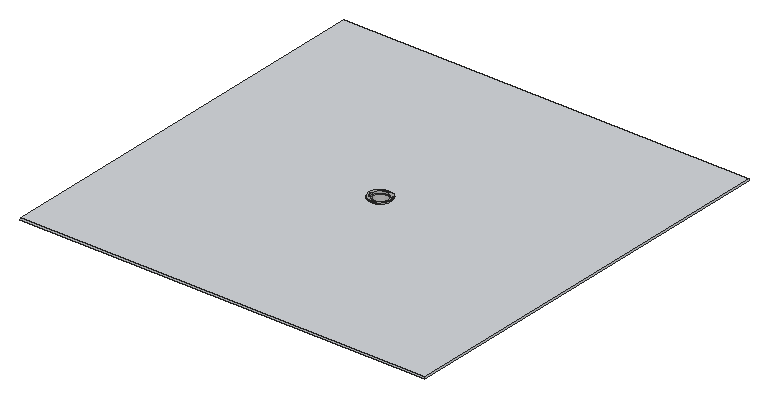
Revit family "LC4", category Lighting Fixtures, host Face, Revit 2014
Parameters (values of type "LC4SL-4LCSL10L27K8")
  Wattage Comments = "13.4, 17.8 & 22.2"  # constant formula
  Wattage = 13.4 W
  built-in parameter 1150110 = 1 (stored number, unit not read)
  Voltage = 120 V
  URL = "https://www.hubbell.com/prescolite/en/"
  built-in parameter 1114217 = 1 (stored number, unit not read)
  Tilt Angle = -90.00°
  built-in parameter 1150109 = 1 (stored number, unit not read)
  built-in parameter 1150134 = (empty or 0)
  built-in parameter 1150113 = 1 (stored number, unit not read)
  Product Page URL = "https://www.hubbell.com/prescolite/en/c/LC4/p/2554417"
  Product Documentation Link = "https://hubbellcdn.com/specsheet/lfr_led_057.pdf"
  Power Factor = 1
  Photometric Web Link = "https://www.hubbell.com/prescolite/en/c/LC4/p/2554417"
  Photometric Web File = "LC4SL-4LCSL10L27K8.ies"
  Photometric Notes = "More IES files download on Photometric Web Link"  # constant formula
  Model = "LC4SL"  # constant formula
  Manufacturer = "Prescolite"  # constant formula
  built-in parameter 1150105 = 79.57 (stored number, unit not read)
  Lumens = 999.908 lm
  built-in parameter 1150115 = 1 (stored number, unit not read)
  Load Classification = Lighting
  built-in parameter 1150137 = (empty or 0)
  built-in parameter 1150139 = (empty or 0)
  built-in parameter 1150112 = 1 (stored number, unit not read)
  built-in parameter 1150114 = 1 (stored number, unit not read)
  Lamp = "LED"  # constant formula
  built-in parameter 1150132 = (empty or 0)
  built-in parameter 1150102 = (empty or 0)
  built-in parameter 1150107 = 2700 (stored number, unit not read)
  built-in parameter 1150138 = (empty or 0)
  built-in parameter 1150106 = 0.7957 (stored number, unit not read)
  Glass = Hubbell - White Glass
  Emit from Circle Diameter = 4"  # constant formula
  Emit Shape Visible in Rendering = no
  built-in parameter 1150104 = 6.9324 (stored number, unit not read)
  Dimming Lamp Color Temperature Shift = <None>
  Description = "4in LED Downlight"  # constant formula
  Default Elevation = 48"
  Color Filter = 16777215
  built-in parameter 1114218 = 1 (stored number, unit not read)
  Hardware Finish = Steel - Hubbell
  built-in parameter 1150133 = 10 (stored number, unit not read)
  Assembly Code = "D5020200"
  Apparent Load = 0 VA
Types (6): name | Wattage | built-in parameter 1150134 | Photometric Web File | built-in parameter 1150105 | Lumens | built-in parameter 1150107 | built-in parameter 1150106 | built-in parameter 1150104
  LC4SL-4LCSL10L27K8 | 13.4 W | (empty or 0) | "LC4SL-4LCSL10L27K8.ies" | 79.57 (stored number, unit not read) | 999.908 lm | 2700 (stored number, unit not read) | 0.7957 (stored number, unit not read) | 6.9324 (stored number, unit not read)
  LC4SL-4LCSL14L27K8 | 17.8 W | (empty or 0) | "LC4SL-4LCSL14L27K8.ies" | 111.41 (stored number, unit not read) | 1399.97 lm | 2700 (stored number, unit not read) | 1.1141 (stored number, unit not read) | 7.3068 (stored number, unit not read)
  LC4SL-4LCSL18L35K8 | 22.2 W | (empty or 0) | "LC4SL-4LCSL18L35K8.ies" | 143.24 (stored number, unit not read) | 1799.98 lm | 3500 (stored number, unit not read) | 1.4324 (stored number, unit not read) | 7.5326 (stored number, unit not read)
  LC4SL-4LCSL10L50K8 | 13.4 W | 2 | "LC4SL-4LCSL10L50K8.ies" | 79.57 (stored number, unit not read) | 999.908 lm | 5000 (stored number, unit not read) | 0.7957 (stored number, unit not read) | 6.9324 (stored number, unit not read)
  LC4SL-4LCSL14L40K8 | 17.8 W | 12 | "LC4SL-4LCSL14L40K8.ies" | 111.41 (stored number, unit not read) | 1399.97 lm | 4000 (stored number, unit not read) | 1.1141 (stored number, unit not read) | 7.3068 (stored number, unit not read)
  LC4SL-4LCSL18L40K8WW | 22.2 W | 12 | "LC4SL-4LCSL18L40K8WW.IES" | 143.24 (stored number, unit not read) | 1799.98 lm | 4000 (stored number, unit not read) | 1.4324 (stored number, unit not read) | 7.5326 (stored number, unit not read)
Reference planes (in)
  plane 1 "Center (Front/Back)": y = 0.03999
  plane 2: z = 0
  plane 3 "Center (Left/Right)": x = -8.24832
  plane 4: x = -13.24832
  plane 5: x = 1.12668
  plane 6: y = 5.91499
  plane 7: y = -5.83501
  plane 8: z = -0.125
  plane 9: z = -3
  plane 10: z = -3.125
  plane 11: z = 0.375
  plane 12: z = 0.4375
  plane 13: x = -10.87332
  plane 14: x = -10.24832
  plane 15: x = -10.17454
  plane 16: x = -6.42646
  plane 17: x = -2.9049
  plane 18: x = -0.9049
  plane 19: y = 2.57276
  plane 20: y = -2.49278
  plane 21: through (-11.23409, -180, 3.23335) normal (0.9773, 0, 0.2119)
  plane 22: through (-10.98801, -180, 3.28671) normal (0.9773, 0, 0.2119)
  plane 23: y = 1.91499
  plane 24: y = -1.83501
  plane 25: z = 0.5625
Forms (in)
  Extrusion 1, solid
    sketch origin (-7.24832, 0, -2.58562) x (1, 0, 0) y (0, 1, 0)
      loop
        line (-48, 48) -> (-48, -48) -> (48, -48) -> (48, 48) -> (-48, 48)
    from 2.96062 to 2.58562
  Extrusion 2, void
    sketch origin (0, 0, 0) x (1, 0, 0) y (0, 1, 0)
      loop
        circle (-8.24832, 0.03999) r 2.125
    from 0.4375 to -0.125
  Extrusion 3, solid, material "Steel - Hubbell" <- "Hardware Finish", detail levels medium+fine
    sketch origin (0, 0, 0) x (1, 0, 0) y (0, 1, 0)
      loop
        line (-13.24832, 5.91499) -> (-13.24832, -5.83501) -> (1.12668, -5.83501) -> (1.12668, 5.91499) -> (-13.24832, 5.91499)
    from 0 to -0.125
  Extrusion 4, solid, material "Steel - Hubbell" <- "Hardware Finish", detail levels medium+fine
    sketch origin (0, 0, 0) x (1, 0, 0) y (0, 1, 0)
      loop
        line (-10.17454, 1.91499) -> (-10.17454, -1.83501) -> (-6.42646, -1.83501) -> (-6.42646, 1.91499) -> (-10.17454, 1.91499)
    from -3 to -3.125
  Revolve 5, solid, material "Steel - Hubbell" <- "Hardware Finish", detail levels medium+fine
    sketch origin (0, 0.03999, 0) x (1, 0, 0) y (0, 0, 1)
      loop
        line (-10.24832, -0.125) -> (-10.50598, -0.125) -> (-9.88266, -3) -> (-9.625, -3) -> (-10.24832, -0.125)
      axis (-8.24832, -0.125) -> (-8.24832, -3)
    angle from 0 to 360
  Revolve 6, solid, material "Steel - Hubbell" <- "Hardware Finish"
    sketch origin (0, 0.03999, 0) x (1, 0, 0) y (0, 0, 1)
      loop
        line (-10.24832, -0.125) -> (-10.24832, 0.4375) -> (-10.87332, 0.4375) -> (-10.87332, 0.375) -> (-10.49832, 0.375) -> (-10.49832, -0.125) -> (-10.24832, -0.125)
      axis (-8.24832, 0.4375) -> (-8.24832, -0.125)
    angle from 0 to 360
  Revolve 7, void
    sketch origin (0, 0.03999, 0) x (1, 0, 0) y (0, 0, 1)
      loop
        line (-10.24832, 0.8125) -> (-10.24832, 0) -> (-10.34966, 0) -> (-10.34966, -0.125) -> (-10.24832, -0.125) -> (-10.24832, -0.72216) -> (-9.77389, -3) -> (-8.24832, -3) -> (-8.24832, 0.8125) -> (-10.24832, 0.8125)
      axis (-8.24832, 0.8125) -> (-8.24832, -3)
    angle from 0 to 360
  Extrusion 8, solid, material "Steel - Hubbell" <- "Hardware Finish", detail levels medium+fine
    sketch origin (0, 0, 0) x (1, 0, 0) y (0, 1, 0)
      loop
        line (-2.9049, 2.57276) -> (-2.9049, -2.49278) -> (-0.9049, -2.49278) -> (-0.9049, 2.57276) -> (-2.9049, 2.57276)
    from -3.125 to 0
  Extrusion 9, solid, material "Steel - Hubbell" <- "Hardware Finish", detail levels medium+fine
    sketch origin (-8.24832, 0, 0) x (0, 1, 0) y (0, 0, 1)
      loop
        line (1.86499, -3) -> (1.91499, -3) -> (1.91499, -2.09049) -> (2.29908, -0.175) -> (3.08633, -0.175) -> (3.08633, -0.125) -> (2.26001, -0.125) -> (1.86499, -2.08435) -> (1.86499, -3)
      loop
        line (-1.78501, -3) -> (-1.78501, -2.08435) -> (-2.18003, -0.125) -> (-3.00635, -0.125) -> (-3.00635, -0.175) -> (-2.2191, -0.175) -> (-1.83501, -2.09049) -> (-1.83501, -3) -> (-1.78501, -3)
    from -1.92621 to 1.82187
  Revolve 10, solid, material "Steel - Hubbell" <- "Hardware Finish", detail levels medium+fine
    sketch origin (0, 0.03999, 0) x (1, 0, 0) y (0, 0, 1)
      loop
        line (-10.34966, 0) -> (-10.34966, -0.125) -> (-10.24832, -0.125) -> (-10.24832, 0) -> (-10.34966, 0)
      axis (-8.24832, 0) -> (-8.24832, -0.125)
    angle from 0 to 360
  Extrusion 11, solid, material "Hubbell - White Glass" <- "Glass"
    sketch origin (-16.83938, -180, -3.125) x (-1, 0, 0) y (0, -1, 0)
      loop
        circle (-8.59106, -180.03999) r 2
    from 3 to 3.125
  Extrusion 12, solid, detail levels coarse
    sketch origin (-16.83938, -180, -3.125) x (-1, 0, 0) y (0, -1, 0)
      loop
        line (-3.59106, -185.91499) -> (-3.59106, -174.16499) -> (-17.96606, -174.16499) -> (-17.96606, -185.91499) -> (-3.59106, -185.91499)
    from 0 to 3.125
Cuts and joins
  Revolve 7 cuts Extrusion 3
  joined: Extrusion 3, Extrusion 4, Extrusion 8, Extrusion 9
  joined: Revolve 5, Revolve 10
  Revolve 7 cuts Revolve 6
  Extrusion 2 cuts Extrusion 12
Lines and regions (in)
  reference lines
    curve 1: line (-6.98009, 2.19084, -3.125) -> (-6.98009, 2.8473, -3.125)
    curve 2: arc (-6.98009, 2.8473, -3.125) -> (-6.6598, 3.62055, -3.125) -> (-5.88655, 3.94084, -3.125) r 1.09354
    curve 3: line (-5.88655, 3.94084, -3.125) -> (-2.63573, 3.94084, -3.125)
    curve 4: arc (-1.88573, 3.19084, -3.125) -> (-2.1054, 3.72117, -3.125) -> (-2.63573, 3.94084, -3.125) r 0.75
    curve 5: line (-1.88573, 3.19084, -3.125) -> (-1.88573, 2.66499, -3.125)
  symbolic lines
    curve 6: line (-13.24832, 5.91499, -3.125) -> (1.12668, 5.91499, -3.125)
    curve 7: line (-13.24832, -5.83501, -3.125) -> (-13.24832, 5.91499, -3.125)
    curve 8: line (1.12668, -5.83501, -3.125) -> (-13.24832, -5.83501, -3.125)
    curve 9: line (1.12668, 5.91499, -3.125) -> (1.12668, -5.83501, -3.125)
    curve 10: circle (-8.24832, 0.03999, -3.125) r 2.625 normal (0, 0, 1)
    curve 11: circle (-8.24832, 0.03999, -3.125) r 2 normal (0, 0, 1)
Dimensions and locks (in)
  equal spacing: plane 7, plane 1 "Center (Front/Back)", plane 6, locked at 5.875 each
  locked: plane 6 to plane 7 at 11.75
  locked: plane 4 to plane 5 at 14.375
  locked: plane 4 to plane 3 "Center (Left/Right)" at 5
  locked: Extrusion 1 to plane 8 at 0.5
  locked: Revolve 5 sketch curve to Revolve 5 sketch curve at 2
  locked: plane 11 to plane 2 at 0.375
  locked: plane 12 to plane 11 at 0.0625
  locked: plane 3 "Center (Left/Right)" to plane 13 at 2.625
  locked: plane 3 "Center (Left/Right)" to plane 14 at 2
  locked: plane 2 to plane 8 at 0.125
  locked: plane 17 to plane 18 at 2
  equal spacing: plane 19, plane 1 "Center (Front/Back)", plane 20, locked at 2.53277 each
  locked: plane 9 to plane 10 at 0.125
  locked: plane 11 to plane 10 at 3.5
  equal spacing: plane 23, plane 1 "Center (Front/Back)", plane 24, locked at 1.875 each
  aligned and locked: Extrusion 3 sketch curve to plane 6
  aligned and locked: plane 4 to Extrusion 3 sketch curve
  aligned and locked: Extrusion 3 sketch curve to plane 7
  aligned and locked: Extrusion 3 sketch curve to plane 5
  aligned and locked: Extrusion 3 to plane 8
  aligned and locked: plane 9 to Extrusion 4
  aligned and locked: Revolve 5 sketch curve to plane 3 "Center (Left/Right)"
  aligned and locked: Revolve 6 sketch curve to plane 3 "Center (Left/Right)"
  aligned and locked: Revolve 7 sketch curve to plane 3 "Center (Left/Right)"
  aligned and locked: level to Extrusion 8
  aligned and locked: Revolve 6 sketch curve to plane 11
  aligned and locked: plane 14 to Revolve 6 sketch curve
  aligned and locked: plane 8 to Revolve 6 sketch curve
  aligned and locked: Revolve 6 sketch curve to plane 12
  aligned and locked: plane 15 to cut or joined group of Extrusion 3, Extrusion 4, Revolve 7, Extrusion 8, Extrusion 9
  aligned and locked: plane 16 to cut or joined group of Extrusion 3, Extrusion 4, Revolve 7, Extrusion 8, Extrusion 9
  aligned and locked: Extrusion 9 to Extrusion 4
  aligned and locked: Extrusion 4 to Extrusion 9
  aligned and locked: Extrusion 8 to plane 10
  aligned and locked: plane 18 to cut or joined group of Extrusion 3, Extrusion 4, Revolve 7, Extrusion 8, Extrusion 9
  aligned and locked: plane 17 to cut or joined group of Extrusion 3, Extrusion 4, Revolve 7, Extrusion 8, Extrusion 9
  aligned and locked: plane 20 to cut or joined group of Extrusion 3, Extrusion 4, Revolve 7, Extrusion 8, Extrusion 9
  aligned and locked: plane 19 to cut or joined group of Extrusion 3, Extrusion 4, Revolve 7, Extrusion 8, Extrusion 9
  aligned and locked: plane 9 to Revolve 5 sketch curve
  aligned and locked: plane 21 to Revolve 5 sketch curve
  aligned and locked: plane 22 to Revolve 5 sketch curve
  aligned and locked: Extrusion 8 to Extrusion 4
  aligned and locked: plane 23 to cut or joined group of Extrusion 3, Extrusion 4, Revolve 7, Extrusion 8, Extrusion 9
  aligned and locked: plane 24 to cut or joined group of Extrusion 3, Extrusion 4, Revolve 7, Extrusion 8, Extrusion 9
  aligned and locked: Extrusion 11 to plane 8
  aligned and locked: plane 2 to Extrusion 11
  aligned and locked: Extrusion 1 to plane 2
  aligned and locked: Extrusion 12 sketch curve to cut or joined group of Extrusion 3, Extrusion 4, Revolve 7, Extrusion 8, Extrusion 9  (x4)
  aligned and locked: plane 2 to Extrusion 12
  aligned and locked: curve 6 to cut or joined group of Extrusion 3, Extrusion 4, Revolve 7, Extrusion 8, Extrusion 9
  aligned and locked: curve 7 to cut or joined group of Extrusion 3, Extrusion 4, Revolve 7, Extrusion 8, Extrusion 9
  aligned and locked: curve 8 to cut or joined group of Extrusion 3, Extrusion 4, Revolve 7, Extrusion 8, Extrusion 9
  aligned and locked: curve 9 to cut or joined group of Extrusion 3, Extrusion 4, Revolve 7, Extrusion 8, Extrusion 9
  aligned and locked: Extrusion 2 to plane 8
  aligned and locked: imposter light to plane 25
Automatic sketch dimensions
  Extrusion 1 sketch curve to Extrusion 1 sketch curve = 96"  (x2)
  level to Revolve 5 sketch curve = 2.37496"
  Extrusion 8 sketch curve to plane 5 = 4.03157"
  Extrusion 8 sketch curve to Extrusion 8 sketch curve = 2"
  plane 1 "Center (Front/Back)" to Extrusion 8 sketch curve = 2.53277"
  Extrusion 8 sketch curve to plane 1 "Center (Front/Back)" = 2.53277"
  plane 3 "Center (Left/Right)" to curve 2 = 2.36177"
  curve 2 to curve 2 = 1.09354"
  curve 2 to plane 6 = 1.97415"
  curve 1 to curve 1 = 0.65646"
  curve 3 to curve 2 = 3.25082"
  curve 4 to curve 4 = 3/4"
  curve 5 to curve 5 = 0.52585"
  Revolve 7 sketch curve to level = 0"
  Revolve 7 sketch curve to plane 9 = 0"
  Revolve 7 sketch curve to plane 3 "Center (Left/Right)" = 0"
  Revolve 7 sketch curve to plane 3 "Center (Left/Right)" = 1.52557"
  Revolve 7 sketch curve to plane 3 "Center (Left/Right)" = 2"
  Revolve 7 sketch curve to plane 8 = 0.59716"
  Revolve 7 sketch curve to Revolve 7 sketch curve = 0.10133"
  Revolve 7 sketch curve to Revolve 7 sketch curve = 0.60785"
  Revolve 7 sketch curve to Revolve 7 sketch curve = 1.41768"
  Revolve 7 sketch curve to plane 8 = 0"
  Revolve 7 sketch curve to Revolve 7 sketch curve = 0"
  Revolve 10 sketch curve to plane 8 = 0"
  Revolve 10 sketch curve to level = 0"
  Revolve 10 sketch curve to plane 3 "Center (Left/Right)" = 0"
  Revolve 10 sketch curve to plane 3 "Center (Left/Right)" = 2"
  Revolve 10 sketch curve to Revolve 10 sketch curve = 0.10133"
  Revolve 10 sketch curve to plane 8 = 0.33144"
  level to Revolve 10 sketch curve = 0.12368"
  Revolve 6 sketch curve to plane 13 = 0"
  Revolve 6 sketch curve to plane 14 = 1/4"
  plane 9 to Revolve 6 sketch curve = 0.59192"
  plane 12 to Revolve 6 sketch curve = 2.22902"
  plane 11 to Revolve 7 sketch curve = 7/16"
  Extrusion 4 sketch curve to plane 3 "Center (Left/Right)" = 1.92621"
  plane 1 "Center (Front/Back)" to Extrusion 4 sketch curve = 1 7/8"
  plane 3 "Center (Left/Right)" to Extrusion 4 sketch curve = 1.82187"
  Extrusion 4 sketch curve to plane 1 "Center (Front/Back)" = 1 7/8"
  Extrusion 9 sketch curve to plane 8 = 0"  (x2)
  Extrusion 9 sketch curve to plane 9 = 0"  (x2)
  Extrusion 9 sketch curve to plane 7 = 2.82866"
  plane 9 to Extrusion 9 sketch curve = 0.90951"
  Extrusion 9 sketch curve to plane 8 = 0.05"  (x2)
  Extrusion 9 sketch curve to Extrusion 9 sketch curve = 0.78725"  (x2)
  Extrusion 9 sketch curve to Extrusion 9 sketch curve = 5/128"  (x2)
  plane 1 "Center (Front/Back)" to Extrusion 9 sketch curve = 1 7/8"
  Extrusion 9 sketch curve to Extrusion 9 sketch curve = 0.05"  (x2)
  Extrusion 9 sketch curve to plane 1 "Center (Front/Back)" = 1.825"
  Extrusion 9 sketch curve to Extrusion 9 sketch curve = 0.34502"
  Extrusion 9 sketch curve to Extrusion 9 sketch curve = 0.90951"
  Extrusion 9 sketch curve to Extrusion 9 sketch curve = 0.00614"  (x2)
  Revolve 5 sketch curve to plane 10 = 1.37504"
  plane 1 "Center (Front/Back)" to Extrusion 11 sketch curve = 0"
  Extrusion 11 sketch curve to plane 3 "Center (Left/Right)" = 0"
  plane 1 "Center (Front/Back)" to Extrusion 2 sketch curve = 0"
  Extrusion 2 sketch curve to plane 3 "Center (Left/Right)" = 0"
  curve 10 to curve 11 = 0"  (x2)
  plane 1 "Center (Front/Back)" to curve 11 = 0"
  curve 11 to plane 3 "Center (Left/Right)" = 0"
  radius of Extrusion 11 sketch curve = 2"
  radius of Extrusion 2 sketch curve = 2 1/8"
  radius of curve 10 = 2 5/8"
  radius of curve 11 = 2"
Connectors (in)
  electrical at (-8.3005, 0.03999, -3.125), driven by "Description", driven by "Load Classification", driven by "Voltage", driven by "Apparent Load", driven by "Power Factor"
    settings: on cut or joined group of Extrusion 3, Extrusion 4, Revolve 7, Extrusion 8, Extrusion 9, index 1, voltage 120 V, apparent load 0 VA, apparent load phase1 0 VA, apparent load phase2 0 VA, apparent load phase3 0 VA, power factor 1, load classification "Lighting", number of poles 1, system type 30, power factor state 1, is connector primary yes, connector utility no, sub classification motor no, connector description "4in LED Downlight"
